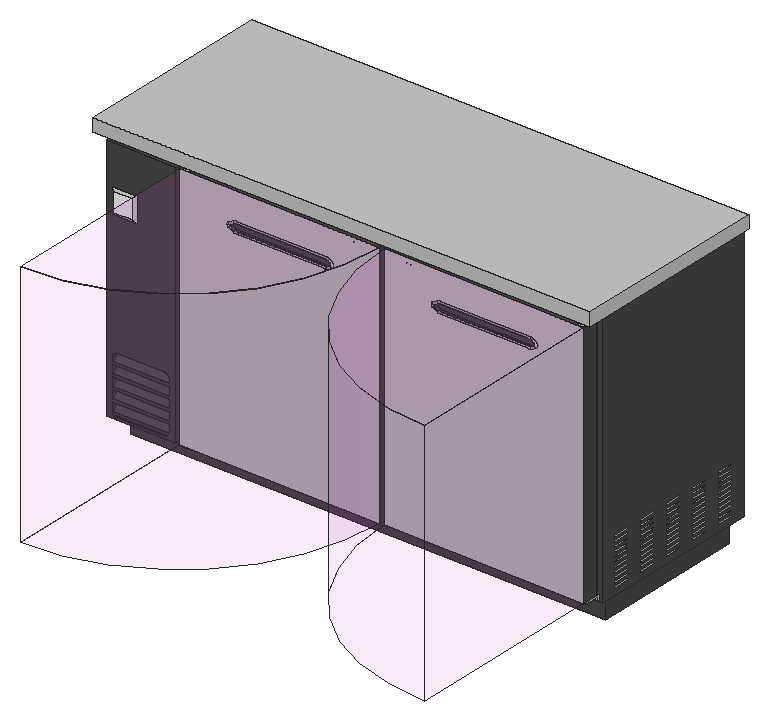
Revit family "QF_Kelvinator_738270_KCHBB60S_2-Solid_Door_Back_Bar_Refrigerator_Black_61_Long", category Specialty Equipment, Revit 2021
Family settings
  Round Connector Dimension = Use Diameter
  Part Type = Normal
  Work Plane-Based = No
  Always vertical = Yes
  Cut with Voids When Loaded = No
  Shared = No
  Room Calculation Point = No
Parameters
  Weight in Pounds = 240.304
  Watts = 300 W
  Volts = 115 V
  URL Cutsheet = ""
  Specification by User = ""
  Specification by Manufacturer = ""
  Serial Number = ""
  Seismic Rating = ""
  SMACNA No = ""
  Revision Code = ""
  Refrigerant Type = "R290"
  Phase = 1
  Number of Poles = 1
  NAFEM Spec ID Number = ""
  Model = "738270 (KCHBB60S)"
  Min Ckt Ampacity = 0 A
  Max Overcurrent Protection = 0 A
  Masterspec = ""
  Manufacturer = "Kelvinator Commercial"
  Length = 61.063"
  Item Number = "738270"
  Installed By = ""
  Identify Quantity as Lot = yes
  Height = 36.220"
  HP = "1/5"
  Furnished By = ""
  Foodservice Equipment Identifier = yes
  FL Amps = 3 A
  Electrical Remarks = ""
  Electric Connection Type = ""
  Elec Conn RI Height = 0.000"
  Elec Conn Connection Height = 0.000"
  Description = "2-Solid Door Back Bar Refrigerator Black 61\" Long"
  Depth = 24.409"
  Default Elevation = 0.000"
  Cycle = 60 Hz
  Conn Plug = "5-15P"
  Conn Conduit = yes
  CSI MasterFormat = ""
  Apparent Power = 0 VA
Reference planes (in)
  plane 1 "BACK": y = 0
  plane 2: z = 0
  plane 3 "LEFT": x = 0
  plane 4 "RIGHT": x = 61.063
  plane 5 "FRONT": y = -24.409
  plane 6 "TOP": z = 36.22
  plane 7 "Center Y": x = 30.5315
  plane 8 "Center X": y = -12.2045
Dimensions and locks (in)
  equal spacing: plane 3 "LEFT", plane 7 "Center Y", plane 4 "RIGHT"
  "Length": plane 3 "LEFT" to plane 4 "RIGHT"
  equal spacing: plane 5 "FRONT", plane 8 "Center X", plane 1 "BACK"
  "Depth": plane 5 "FRONT" to plane 1 "BACK"
  "Height": plane 6 "TOP" to level
  aligned and locked: level to plane 2
Nested families (in)
  nested 1: "KCHBB48S" at (0, 0, 0), type "KCHBB48S"
    with Show Clearance yes
Connectors (in)
  electrical at (30.53, -0.6525, 2.1875), driven by "Volts", driven by "Watts"
    settings: on nested 1, index 1, voltage 115 V, apparent load 300 VA, apparent load phase1 0 VA, apparent load phase2 0 VA, apparent load phase3 0 VA, power factor 1, load classification "Other", number of poles 1, system type 30, power factor state 1, is connector primary yes, connector utility no, sub classification motor no, connector description ""
Definition of nested family "KCHBB48S"
  Parameters (values of type "KCHBB48S")
    Weight in Pounds = 0
    URL Cutsheet = ""
    Specification by User = ""
    Specification by Manufacturer = ""
    Show Clearance [instance] = yes
    Serial Number = ""
    Seismic Rating = ""
    SMACNA No = ""
    Revision Code = ""
    NAFEM Spec ID Number = ""
    Masterspec = ""
    Length = 61.060"
    Item Number = ""
    Installed By = ""
    Identify Quantity as Lot = yes
    Height = 36.1875"
    Furnished By = ""
    Foodservice Equipment Identifier = yes
    Depth = 24.4375"
    Default Elevation = 0.000"
    CSI MasterFormat = ""
  Reference planes (in)
    plane 1 "BACK": y = 0
    plane 2: z = 0
    plane 3 "LEFT": x = 0
    plane 4 "RIGHT": x = 61.06
    plane 5 "FRONT": y = -24.4375
    plane 6 "TOP": z = 36.1875
    plane 7 "Center Y": x = 30.53
    plane 8 "Center X": y = -12.21875
    plane 9: x = 60.46625
    plane 10: x = 0.59375
    plane 11: x = 59.96625
    plane 12: x = 35.36625
    plane 13: x = 34.86875
    plane 14: x = 10.26875
    plane 15: x = 9.68375
    plane 16: x = 1.18375
    plane 17: z = 2.6875
    plane 18: z = 34.5875
    plane 19: y = -40.8
    plane 20: y = -21.6
    plane 21: x = 1.34375
    plane 22: x = 59.71625
    plane 23: y = -1.34
    plane 24: y = -20.26
    plane 25: z = 33.8375
    plane 26: z = 3.4375
    plane 27: y = -22.1
    plane 28: x = 1.93375
    plane 29: x = 8.93375
  Forms (in)
    Extrusion 1, solid
      sketch origin (0.59375, -180, -2.6612) x (0, 0, -1) y (0, -1, 0)
        loop
          line (-5.3487, -180) -> (-5.3487, -158.4) -> (-37.2487, -158.4) -> (-37.2487, -180) -> (-5.3487, -180)
      from 0 to -59.8725
    Extrusion 2, solid
      sketch origin (0, 0, 0) x (0, 1, 0) y (0, 0, 1)
        loop
          line (-24.4375, 36.1875) -> (-24.4375, 34.5875) -> (0, 34.5875) -> (0, 36.1875) -> (-24.4375, 36.1875)
      from 0 to 61.06
    Extrusion 3, solid
      sketch origin (0, -1.34, 0) x (0, 0, -1) y (1, 0, 0)
        loop
          line (-2.6875, 1.34375) -> (0, 1.34375) -> (0, 59.71625) -> (-2.6875, 59.71625) -> (-2.6875, 1.34375)
      from 0 to 18.92
    Extrusion 4, solid
      sketch origin (0, -22.1, 34.5875) x (0, 0, 1) y (1, 0, 0)
        loop
          line (-0.75, 1.18375) -> (-0.75, 9.68375) -> (-31.15, 9.68375) -> (-31.15, 1.18375) -> (-0.75, 1.18375)
      from 0.5 to -1.75
    Extrusion 5, void
      sketch origin (1.93375, -180, 12.66737) x (0, 0, -1) y (0, -1, 0)
        loop
          line (8.97987, -157.025) -> (8.97987, -154.65) -> (1.85487, -154.65) -> (1.85487, -157.025) -> (2.10487, -157.025) -> (2.97987, -156.15) -> (3.22987, -156.15) -> (3.22987, -157.025) -> (3.47987, -157.025) -> (4.35487, -156.15) -> (4.60487, -156.15) -> (4.60487, -157.025) -> (4.85487, -157.025) -> (5.72987, -156.15) -> (5.97987, -156.15) -> (5.97987, -157.025) -> (6.22987, -157.025) -> (7.10487, -156.15) -> (7.35487, -156.15) -> (7.35487, -157.025) -> (7.60487, -157.025) -> (8.47987, -156.15) -> (8.72987, -156.15) -> (8.72987, -157.025) -> (8.97987, -157.025)
      from 0 to -7
    Extrusion 6, solid
      sketch origin (59.96625, -23.85, 3.4375) x (0, 0, 1) y (-1, 0, 0)
        loop
          line (7.375, 51.5325) -> (7.375, 57.5325)
          arc (7.375, 57.5325) -> (7.22855, 57.88605) -> (6.875, 58.0325) r 0.5
          line (6.875, 58.0325) -> (0.75, 58.0325)
          arc (0.75, 58.0325) -> (0.39645, 57.88605) -> (0.25, 57.5325) r 0.5
          line (0.25, 57.5325) -> (0.25, 51.5325)
          arc (0.25, 51.5325) -> (0.39645, 51.17895) -> (0.75, 51.0325) r 0.5
          line (0.75, 51.0325) -> (6.875, 51.0325)
          arc (6.875, 51.0325) -> (7.22855, 51.17895) -> (7.375, 51.5325) r 0.5
        loop
          line (7.625, 51.5325) -> (7.625, 57.5325)
          arc (7.625, 57.5325) -> (7.40533, 58.06283) -> (6.875, 58.2825) r 0.75
          line (6.875, 58.2825) -> (0.75, 58.2825)
          arc (0.75, 58.2825) -> (0.21967, 58.06283) -> (0, 57.5325) r 0.75
          line (0, 57.5325) -> (0, 51.5325)
          arc (0, 51.5325) -> (0.21967, 51.00217) -> (0.75, 50.7825) r 0.75
          line (0.75, 50.7825) -> (6.875, 50.7825)
          arc (6.875, 50.7825) -> (7.40533, 51.00217) -> (7.625, 51.5325) r 0.75
      from 0 to -0.875
    Blend 7, solid
      base sketch origin (59.96625, -23.85, 3.4375) x (0, 0, 1) y (-1, 0, 0)
        loop
          line (25.18493, 57.64775) -> (22.93493, 57.64775) -> (22.93493, 55.39775) -> (25.18493, 55.39775) -> (25.18493, 57.64775)
      top sketch origin (59.96625, -23.85, 3.4375) x (0, 0, 1) y (-1, 0, 0)
        loop
          line (25.56493, 58.02775) -> (22.55493, 58.02775) -> (22.55493, 55.01775) -> (25.56493, 55.01775) -> (25.56493, 58.02775)
      from 0.21643 to 0
    Extrusion 8, void
      sketch origin (0.59375, -180, -2.6612) x (0, 0, 1) y (0, -1, 0)
        loop
          arc (12.07129, -160.16063) -> (11.91504, -160.00438) -> (11.75879, -160.16063) r 0.15625
          line (11.75879, -160.16063) -> (11.75879, -162.09813)
          arc (11.75879, -162.09813) -> (11.91504, -162.25438) -> (12.07129, -162.09813) r 0.15625
          line (12.07129, -162.09813) -> (12.07129, -160.16063)
        loop
          arc (11.50879, -160.16063) -> (11.35254, -160.00438) -> (11.19629, -160.16063) r 0.15625
          line (11.19629, -160.16063) -> (11.19629, -162.09813)
          arc (11.19629, -162.09813) -> (11.35254, -162.25438) -> (11.50879, -162.09813) r 0.15625
          line (11.50879, -162.09813) -> (11.50879, -160.16063)
        loop
          arc (10.94629, -160.16063) -> (10.79004, -160.00438) -> (10.63379, -160.16063) r 0.15625
          line (10.63379, -160.16063) -> (10.63379, -162.09813)
          arc (10.63379, -162.09813) -> (10.79004, -162.25438) -> (10.94629, -162.09813) r 0.15625
          line (10.94629, -162.09813) -> (10.94629, -160.16063)
        loop
          arc (10.38379, -160.16063) -> (10.22754, -160.00438) -> (10.07129, -160.16063) r 0.15625
          line (10.07129, -160.16063) -> (10.07129, -162.09813)
          arc (10.07129, -162.09813) -> (10.22754, -162.25438) -> (10.38379, -162.09813) r 0.15625
          line (10.38379, -162.09813) -> (10.38379, -160.16063)
        loop
          arc (9.82129, -160.16063) -> (9.66504, -160.00438) -> (9.50879, -160.16063) r 0.15625
          line (9.50879, -160.16063) -> (9.50879, -162.09813)
          arc (9.50879, -162.09813) -> (9.66504, -162.25438) -> (9.82129, -162.09813) r 0.15625
          line (9.82129, -162.09813) -> (9.82129, -160.16063)
        loop
          arc (9.25879, -160.16063) -> (9.10254, -160.00438) -> (8.94629, -160.16063) r 0.15625
          line (8.94629, -160.16063) -> (8.94629, -162.09813)
          arc (8.94629, -162.09813) -> (9.10254, -162.25438) -> (9.25879, -162.09813) r 0.15625
          line (9.25879, -162.09813) -> (9.25879, -160.16063)
        loop
          arc (8.69629, -160.16063) -> (8.54004, -160.00438) -> (8.38379, -160.16063) r 0.15625
          line (8.38379, -160.16063) -> (8.38379, -162.09813)
          arc (8.38379, -162.09813) -> (8.54004, -162.25438) -> (8.69629, -162.09813) r 0.15625
          line (8.69629, -162.09813) -> (8.69629, -160.16063)
        loop
          arc (8.13379, -160.16063) -> (7.97754, -160.00438) -> (7.82129, -160.16063) r 0.15625
          line (7.82129, -160.16063) -> (7.82129, -162.09813)
          arc (7.82129, -162.09813) -> (7.97754, -162.25438) -> (8.13379, -162.09813) r 0.15625
          line (8.13379, -162.09813) -> (8.13379, -160.16063)
        loop
          arc (7.57129, -160.16063) -> (7.41504, -160.00438) -> (7.25879, -160.16063) r 0.15625
          line (7.25879, -160.16063) -> (7.25879, -162.09813)
          arc (7.25879, -162.09813) -> (7.41504, -162.25438) -> (7.57129, -162.09813) r 0.15625
          line (7.57129, -162.09813) -> (7.57129, -160.16063)
        loop
          arc (7.00879, -160.16063) -> (6.85254, -160.00438) -> (6.69629, -160.16063) r 0.15625
          line (6.69629, -160.16063) -> (6.69629, -162.09813)
          arc (6.69629, -162.09813) -> (6.85254, -162.25438) -> (7.00879, -162.09813) r 0.15625
          line (7.00879, -162.09813) -> (7.00879, -160.16063)
        loop
          arc (6.44629, -160.16063) -> (6.29004, -160.00438) -> (6.13379, -160.16063) r 0.15625
          line (6.13379, -160.16063) -> (6.13379, -162.09813)
          arc (6.13379, -162.09813) -> (6.29004, -162.25438) -> (6.44629, -162.09813) r 0.15625
          line (6.44629, -162.09813) -> (6.44629, -160.16063)
        loop
          arc (12.07129, -164.16063) -> (11.91504, -164.00438) -> (11.75879, -164.16063) r 0.15625
          line (11.75879, -164.16063) -> (11.75879, -166.09813)
          arc (11.75879, -166.09813) -> (11.91504, -166.25438) -> (12.07129, -166.09813) r 0.15625
          line (12.07129, -166.09813) -> (12.07129, -164.16063)
        loop
          arc (11.50879, -164.16063) -> (11.35254, -164.00438) -> (11.19629, -164.16063) r 0.15625
          line (11.19629, -164.16063) -> (11.19629, -166.09813)
          arc (11.19629, -166.09813) -> (11.35254, -166.25438) -> (11.50879, -166.09813) r 0.15625
          line (11.50879, -166.09813) -> (11.50879, -164.16063)
        loop
          arc (10.94629, -164.16063) -> (10.79004, -164.00438) -> (10.63379, -164.16063) r 0.15625
          line (10.63379, -164.16063) -> (10.63379, -166.09813)
          arc (10.63379, -166.09813) -> (10.79004, -166.25438) -> (10.94629, -166.09813) r 0.15625
          line (10.94629, -166.09813) -> (10.94629, -164.16063)
        loop
          arc (10.38379, -164.16063) -> (10.22754, -164.00438) -> (10.07129, -164.16063) r 0.15625
          line (10.07129, -164.16063) -> (10.07129, -166.09813)
          arc (10.07129, -166.09813) -> (10.22754, -166.25438) -> (10.38379, -166.09813) r 0.15625
          line (10.38379, -166.09813) -> (10.38379, -164.16063)
        loop
          arc (9.82129, -164.16063) -> (9.66504, -164.00438) -> (9.50879, -164.16063) r 0.15625
          line (9.50879, -164.16063) -> (9.50879, -166.09813)
          arc (9.50879, -166.09813) -> (9.66504, -166.25438) -> (9.82129, -166.09813) r 0.15625
          line (9.82129, -166.09813) -> (9.82129, -164.16063)
        loop
          arc (9.25879, -164.16063) -> (9.10254, -164.00438) -> (8.94629, -164.16063) r 0.15625
          line (8.94629, -164.16063) -> (8.94629, -166.09813)
          arc (8.94629, -166.09813) -> (9.10254, -166.25438) -> (9.25879, -166.09813) r 0.15625
          line (9.25879, -166.09813) -> (9.25879, -164.16063)
        loop
          arc (8.69629, -164.16063) -> (8.54004, -164.00438) -> (8.38379, -164.16063) r 0.15625
          line (8.38379, -164.16063) -> (8.38379, -166.09813)
          arc (8.38379, -166.09813) -> (8.54004, -166.25438) -> (8.69629, -166.09813) r 0.15625
          line (8.69629, -166.09813) -> (8.69629, -164.16063)
        loop
          arc (8.13379, -164.16063) -> (7.97754, -164.00438) -> (7.82129, -164.16063) r 0.15625
          line (7.82129, -164.16063) -> (7.82129, -166.09813)
          arc (7.82129, -166.09813) -> (7.97754, -166.25438) -> (8.13379, -166.09813) r 0.15625
          line (8.13379, -166.09813) -> (8.13379, -164.16063)
        loop
          arc (7.57129, -164.16063) -> (7.41504, -164.00438) -> (7.25879, -164.16063) r 0.15625
          line (7.25879, -164.16063) -> (7.25879, -166.09813)
          arc (7.25879, -166.09813) -> (7.41504, -166.25438) -> (7.57129, -166.09813) r 0.15625
          line (7.57129, -166.09813) -> (7.57129, -164.16063)
        loop
          arc (7.00879, -164.16063) -> (6.85254, -164.00438) -> (6.69629, -164.16063) r 0.15625
          line (6.69629, -164.16063) -> (6.69629, -166.09813)
          arc (6.69629, -166.09813) -> (6.85254, -166.25438) -> (7.00879, -166.09813) r 0.15625
          line (7.00879, -166.09813) -> (7.00879, -164.16063)
        loop
          arc (6.44629, -164.16063) -> (6.29004, -164.00438) -> (6.13379, -164.16063) r 0.15625
          line (6.13379, -164.16063) -> (6.13379, -166.09813)
          arc (6.13379, -166.09813) -> (6.29004, -166.25438) -> (6.44629, -166.09813) r 0.15625
          line (6.44629, -166.09813) -> (6.44629, -164.16063)
        loop
          arc (12.07129, -168.16063) -> (11.91504, -168.00438) -> (11.75879, -168.16063) r 0.15625
          line (11.75879, -168.16063) -> (11.75879, -170.09813)
          arc (11.75879, -170.09813) -> (11.91504, -170.25438) -> (12.07129, -170.09813) r 0.15625
          line (12.07129, -170.09813) -> (12.07129, -168.16063)
        loop
          arc (11.50879, -168.16063) -> (11.35254, -168.00438) -> (11.19629, -168.16063) r 0.15625
          line (11.19629, -168.16063) -> (11.19629, -170.09813)
          arc (11.19629, -170.09813) -> (11.35254, -170.25438) -> (11.50879, -170.09813) r 0.15625
          line (11.50879, -170.09813) -> (11.50879, -168.16063)
        loop
          arc (10.94629, -168.16063) -> (10.79004, -168.00438) -> (10.63379, -168.16063) r 0.15625
          line (10.63379, -168.16063) -> (10.63379, -170.09813)
          arc (10.63379, -170.09813) -> (10.79004, -170.25438) -> (10.94629, -170.09813) r 0.15625
          line (10.94629, -170.09813) -> (10.94629, -168.16063)
        loop
          arc (10.38379, -168.16063) -> (10.22754, -168.00438) -> (10.07129, -168.16063) r 0.15625
          line (10.07129, -168.16063) -> (10.07129, -170.09813)
          arc (10.07129, -170.09813) -> (10.22754, -170.25438) -> (10.38379, -170.09813) r 0.15625
          line (10.38379, -170.09813) -> (10.38379, -168.16063)
        loop
          arc (9.82129, -168.16063) -> (9.66504, -168.00438) -> (9.50879, -168.16063) r 0.15625
          line (9.50879, -168.16063) -> (9.50879, -170.09813)
          arc (9.50879, -170.09813) -> (9.66504, -170.25438) -> (9.82129, -170.09813) r 0.15625
          line (9.82129, -170.09813) -> (9.82129, -168.16063)
        loop
          arc (9.25879, -168.16063) -> (9.10254, -168.00438) -> (8.94629, -168.16063) r 0.15625
          line (8.94629, -168.16063) -> (8.94629, -170.09813)
          arc (8.94629, -170.09813) -> (9.10254, -170.25438) -> (9.25879, -170.09813) r 0.15625
          line (9.25879, -170.09813) -> (9.25879, -168.16063)
        loop
          arc (8.69629, -168.16063) -> (8.54004, -168.00438) -> (8.38379, -168.16063) r 0.15625
          line (8.38379, -168.16063) -> (8.38379, -170.09813)
          arc (8.38379, -170.09813) -> (8.54004, -170.25438) -> (8.69629, -170.09813) r 0.15625
          line (8.69629, -170.09813) -> (8.69629, -168.16063)
        loop
          arc (8.13379, -168.16063) -> (7.97754, -168.00438) -> (7.82129, -168.16063) r 0.15625
          line (7.82129, -168.16063) -> (7.82129, -170.09813)
          arc (7.82129, -170.09813) -> (7.97754, -170.25438) -> (8.13379, -170.09813) r 0.15625
          line (8.13379, -170.09813) -> (8.13379, -168.16063)
        loop
          arc (7.57129, -168.16063) -> (7.41504, -168.00438) -> (7.25879, -168.16063) r 0.15625
          line (7.25879, -168.16063) -> (7.25879, -170.09813)
          arc (7.25879, -170.09813) -> (7.41504, -170.25438) -> (7.57129, -170.09813) r 0.15625
          line (7.57129, -170.09813) -> (7.57129, -168.16063)
        loop
          arc (7.00879, -168.16063) -> (6.85254, -168.00438) -> (6.69629, -168.16063) r 0.15625
          line (6.69629, -168.16063) -> (6.69629, -170.09813)
          arc (6.69629, -170.09813) -> (6.85254, -170.25438) -> (7.00879, -170.09813) r 0.15625
          line (7.00879, -170.09813) -> (7.00879, -168.16063)
        loop
          arc (6.44629, -168.16063) -> (6.29004, -168.00438) -> (6.13379, -168.16063) r 0.15625
          line (6.13379, -168.16063) -> (6.13379, -170.09813)
          arc (6.13379, -170.09813) -> (6.29004, -170.25438) -> (6.44629, -170.09813) r 0.15625
          line (6.44629, -170.09813) -> (6.44629, -168.16063)
        loop
          arc (12.07129, -172.16063) -> (11.91504, -172.00438) -> (11.75879, -172.16063) r 0.15625
          line (11.75879, -172.16063) -> (11.75879, -174.09813)
          arc (11.75879, -174.09813) -> (11.91504, -174.25438) -> (12.07129, -174.09813) r 0.15625
          line (12.07129, -174.09813) -> (12.07129, -172.16063)
        loop
          arc (11.50879, -172.16063) -> (11.35254, -172.00438) -> (11.19629, -172.16063) r 0.15625
          line (11.19629, -172.16063) -> (11.19629, -174.09813)
          arc (11.19629, -174.09813) -> (11.35254, -174.25438) -> (11.50879, -174.09813) r 0.15625
          line (11.50879, -174.09813) -> (11.50879, -172.16063)
        loop
          arc (10.94629, -172.16063) -> (10.79004, -172.00438) -> (10.63379, -172.16063) r 0.15625
          line (10.63379, -172.16063) -> (10.63379, -174.09813)
          arc (10.63379, -174.09813) -> (10.79004, -174.25438) -> (10.94629, -174.09813) r 0.15625
          line (10.94629, -174.09813) -> (10.94629, -172.16063)
        loop
          arc (10.38379, -172.16063) -> (10.22754, -172.00438) -> (10.07129, -172.16063) r 0.15625
          line (10.07129, -172.16063) -> (10.07129, -174.09813)
          arc (10.07129, -174.09813) -> (10.22754, -174.25438) -> (10.38379, -174.09813) r 0.15625
          line (10.38379, -174.09813) -> (10.38379, -172.16063)
        loop
          arc (9.82129, -172.16063) -> (9.66504, -172.00438) -> (9.50879, -172.16063) r 0.15625
          line (9.50879, -172.16063) -> (9.50879, -174.09813)
          arc (9.50879, -174.09813) -> (9.66504, -174.25438) -> (9.82129, -174.09813) r 0.15625
          line (9.82129, -174.09813) -> (9.82129, -172.16063)
        loop
          arc (9.25879, -172.16063) -> (9.10254, -172.00438) -> (8.94629, -172.16063) r 0.15625
          line (8.94629, -172.16063) -> (8.94629, -174.09813)
          arc (8.94629, -174.09813) -> (9.10254, -174.25438) -> (9.25879, -174.09813) r 0.15625
          line (9.25879, -174.09813) -> (9.25879, -172.16063)
        loop
          arc (8.69629, -172.16063) -> (8.54004, -172.00438) -> (8.38379, -172.16063) r 0.15625
          line (8.38379, -172.16063) -> (8.38379, -174.09813)
          arc (8.38379, -174.09813) -> (8.54004, -174.25438) -> (8.69629, -174.09813) r 0.15625
          line (8.69629, -174.09813) -> (8.69629, -172.16063)
        loop
          arc (8.13379, -172.16063) -> (7.97754, -172.00438) -> (7.82129, -172.16063) r 0.15625
          line (7.82129, -172.16063) -> (7.82129, -174.09813)
          arc (7.82129, -174.09813) -> (7.97754, -174.25438) -> (8.13379, -174.09813) r 0.15625
          line (8.13379, -174.09813) -> (8.13379, -172.16063)
        loop
          arc (7.57129, -172.16063) -> (7.41504, -172.00438) -> (7.25879, -172.16063) r 0.15625
          line (7.25879, -172.16063) -> (7.25879, -174.09813)
          arc (7.25879, -174.09813) -> (7.41504, -174.25438) -> (7.57129, -174.09813) r 0.15625
          line (7.57129, -174.09813) -> (7.57129, -172.16063)
        loop
          arc (7.00879, -172.16063) -> (6.85254, -172.00438) -> (6.69629, -172.16063) r 0.15625
          line (6.69629, -172.16063) -> (6.69629, -174.09813)
          arc (6.69629, -174.09813) -> (6.85254, -174.25438) -> (7.00879, -174.09813) r 0.15625
          line (7.00879, -174.09813) -> (7.00879, -172.16063)
        loop
          arc (6.44629, -172.16063) -> (6.29004, -172.00438) -> (6.13379, -172.16063) r 0.15625
          line (6.13379, -172.16063) -> (6.13379, -174.09813)
          arc (6.13379, -174.09813) -> (6.29004, -174.25438) -> (6.44629, -174.09813) r 0.15625
          line (6.44629, -174.09813) -> (6.44629, -172.16063)
        loop
          arc (12.07129, -176.16063) -> (11.91504, -176.00438) -> (11.75879, -176.16063) r 0.15625
          line (11.75879, -176.16063) -> (11.75879, -178.09813)
          arc (11.75879, -178.09813) -> (11.91504, -178.25438) -> (12.07129, -178.09813) r 0.15625
          line (12.07129, -178.09813) -> (12.07129, -176.16063)
        loop
          arc (11.50879, -176.16063) -> (11.35254, -176.00438) -> (11.19629, -176.16063) r 0.15625
          line (11.19629, -176.16063) -> (11.19629, -178.09813)
          arc (11.19629, -178.09813) -> (11.35254, -178.25438) -> (11.50879, -178.09813) r 0.15625
          line (11.50879, -178.09813) -> (11.50879, -176.16063)
        loop
          arc (10.94629, -176.16063) -> (10.79004, -176.00438) -> (10.63379, -176.16063) r 0.15625
          line (10.63379, -176.16063) -> (10.63379, -178.09813)
          arc (10.63379, -178.09813) -> (10.79004, -178.25438) -> (10.94629, -178.09813) r 0.15625
          line (10.94629, -178.09813) -> (10.94629, -176.16063)
        loop
          arc (10.38379, -176.16063) -> (10.22754, -176.00438) -> (10.07129, -176.16063) r 0.15625
          line (10.07129, -176.16063) -> (10.07129, -178.09813)
          arc (10.07129, -178.09813) -> (10.22754, -178.25438) -> (10.38379, -178.09813) r 0.15625
          line (10.38379, -178.09813) -> (10.38379, -176.16063)
        loop
          arc (9.82129, -176.16063) -> (9.66504, -176.00438) -> (9.50879, -176.16063) r 0.15625
          line (9.50879, -176.16063) -> (9.50879, -178.09813)
          arc (9.50879, -178.09813) -> (9.66504, -178.25438) -> (9.82129, -178.09813) r 0.15625
          line (9.82129, -178.09813) -> (9.82129, -176.16063)
        loop
          arc (9.25879, -176.16063) -> (9.10254, -176.00438) -> (8.94629, -176.16063) r 0.15625
          line (8.94629, -176.16063) -> (8.94629, -178.09813)
          arc (8.94629, -178.09813) -> (9.10254, -178.25438) -> (9.25879, -178.09813) r 0.15625
          line (9.25879, -178.09813) -> (9.25879, -176.16063)
        loop
          arc (8.69629, -176.16063) -> (8.54004, -176.00438) -> (8.38379, -176.16063) r 0.15625
          line (8.38379, -176.16063) -> (8.38379, -178.09813)
          arc (8.38379, -178.09813) -> (8.54004, -178.25438) -> (8.69629, -178.09813) r 0.15625
          line (8.69629, -178.09813) -> (8.69629, -176.16063)
        loop
          arc (8.13379, -176.16063) -> (7.97754, -176.00438) -> (7.82129, -176.16063) r 0.15625
          line (7.82129, -176.16063) -> (7.82129, -178.09813)
          arc (7.82129, -178.09813) -> (7.97754, -178.25438) -> (8.13379, -178.09813) r 0.15625
          line (8.13379, -178.09813) -> (8.13379, -176.16063)
        loop
          arc (7.57129, -176.16063) -> (7.41504, -176.00438) -> (7.25879, -176.16063) r 0.15625
          line (7.25879, -176.16063) -> (7.25879, -178.09813)
          arc (7.25879, -178.09813) -> (7.41504, -178.25438) -> (7.57129, -178.09813) r 0.15625
          line (7.57129, -178.09813) -> (7.57129, -176.16063)
        loop
          arc (7.00879, -176.16063) -> (6.85254, -176.00438) -> (6.69629, -176.16063) r 0.15625
          line (6.69629, -176.16063) -> (6.69629, -178.09813)
          arc (6.69629, -178.09813) -> (6.85254, -178.25438) -> (7.00879, -178.09813) r 0.15625
          line (7.00879, -178.09813) -> (7.00879, -176.16063)
        loop
          arc (6.44629, -176.16063) -> (6.29004, -176.00438) -> (6.13379, -176.16063) r 0.15625
          line (6.13379, -176.16063) -> (6.13379, -178.09813)
          arc (6.13379, -178.09813) -> (6.29004, -178.25438) -> (6.44629, -178.09813) r 0.15625
          line (6.44629, -178.09813) -> (6.44629, -176.16063)
      from 0 to 0.03
    Extrusion 9, void
      sketch origin (60.46625, -180, -2.6612) x (0, 0, -1) y (0, -1, 0)
        loop
          line (-12.07129, -160.16063) -> (-12.07129, -162.09813)
          arc (-12.07129, -162.09813) -> (-11.91504, -162.25438) -> (-11.75879, -162.09813) r 0.15625
          line (-11.75879, -162.09813) -> (-11.75879, -160.16063)
          arc (-11.75879, -160.16063) -> (-11.91504, -160.00438) -> (-12.07129, -160.16063) r 0.15625
        loop
          line (-11.50879, -160.16063) -> (-11.50879, -162.09813)
          arc (-11.50879, -162.09813) -> (-11.35254, -162.25438) -> (-11.19629, -162.09813) r 0.15625
          line (-11.19629, -162.09813) -> (-11.19629, -160.16063)
          arc (-11.19629, -160.16063) -> (-11.35254, -160.00438) -> (-11.50879, -160.16063) r 0.15625
        loop
          line (-10.94629, -160.16063) -> (-10.94629, -162.09813)
          arc (-10.94629, -162.09813) -> (-10.79004, -162.25438) -> (-10.63379, -162.09813) r 0.15625
          line (-10.63379, -162.09813) -> (-10.63379, -160.16063)
          arc (-10.63379, -160.16063) -> (-10.79004, -160.00438) -> (-10.94629, -160.16063) r 0.15625
        loop
          line (-10.38379, -160.16063) -> (-10.38379, -162.09813)
          arc (-10.38379, -162.09813) -> (-10.22754, -162.25438) -> (-10.07129, -162.09813) r 0.15625
          line (-10.07129, -162.09813) -> (-10.07129, -160.16063)
          arc (-10.07129, -160.16063) -> (-10.22754, -160.00438) -> (-10.38379, -160.16063) r 0.15625
        loop
          line (-9.82129, -160.16063) -> (-9.82129, -162.09813)
          arc (-9.82129, -162.09813) -> (-9.66504, -162.25438) -> (-9.50879, -162.09813) r 0.15625
          line (-9.50879, -162.09813) -> (-9.50879, -160.16063)
          arc (-9.50879, -160.16063) -> (-9.66504, -160.00438) -> (-9.82129, -160.16063) r 0.15625
        loop
          line (-9.25879, -160.16063) -> (-9.25879, -162.09813)
          arc (-9.25879, -162.09813) -> (-9.10254, -162.25438) -> (-8.94629, -162.09813) r 0.15625
          line (-8.94629, -162.09813) -> (-8.94629, -160.16063)
          arc (-8.94629, -160.16063) -> (-9.10254, -160.00438) -> (-9.25879, -160.16063) r 0.15625
        loop
          line (-8.69629, -160.16063) -> (-8.69629, -162.09813)
          arc (-8.69629, -162.09813) -> (-8.54004, -162.25438) -> (-8.38379, -162.09813) r 0.15625
          line (-8.38379, -162.09813) -> (-8.38379, -160.16063)
          arc (-8.38379, -160.16063) -> (-8.54004, -160.00438) -> (-8.69629, -160.16063) r 0.15625
        loop
          line (-8.13379, -160.16063) -> (-8.13379, -162.09813)
          arc (-8.13379, -162.09813) -> (-7.97754, -162.25438) -> (-7.82129, -162.09813) r 0.15625
          line (-7.82129, -162.09813) -> (-7.82129, -160.16063)
          arc (-7.82129, -160.16063) -> (-7.97754, -160.00438) -> (-8.13379, -160.16063) r 0.15625
        loop
          line (-7.57129, -160.16063) -> (-7.57129, -162.09813)
          arc (-7.57129, -162.09813) -> (-7.41504, -162.25438) -> (-7.25879, -162.09813) r 0.15625
          line (-7.25879, -162.09813) -> (-7.25879, -160.16063)
          arc (-7.25879, -160.16063) -> (-7.41504, -160.00438) -> (-7.57129, -160.16063) r 0.15625
        loop
          line (-7.00879, -160.16063) -> (-7.00879, -162.09813)
          arc (-7.00879, -162.09813) -> (-6.85254, -162.25438) -> (-6.69629, -162.09813) r 0.15625
          line (-6.69629, -162.09813) -> (-6.69629, -160.16063)
          arc (-6.69629, -160.16063) -> (-6.85254, -160.00438) -> (-7.00879, -160.16063) r 0.15625
        loop
          line (-6.44629, -160.16063) -> (-6.44629, -162.09813)
          arc (-6.44629, -162.09813) -> (-6.29004, -162.25438) -> (-6.13379, -162.09813) r 0.15625
          line (-6.13379, -162.09813) -> (-6.13379, -160.16063)
          arc (-6.13379, -160.16063) -> (-6.29004, -160.00438) -> (-6.44629, -160.16063) r 0.15625
        loop
          line (-12.07129, -164.16063) -> (-12.07129, -166.09813)
          arc (-12.07129, -166.09813) -> (-11.91504, -166.25438) -> (-11.75879, -166.09813) r 0.15625
          line (-11.75879, -166.09813) -> (-11.75879, -164.16063)
          arc (-11.75879, -164.16063) -> (-11.91504, -164.00438) -> (-12.07129, -164.16063) r 0.15625
        loop
          line (-11.50879, -164.16063) -> (-11.50879, -166.09813)
          arc (-11.50879, -166.09813) -> (-11.35254, -166.25438) -> (-11.19629, -166.09813) r 0.15625
          line (-11.19629, -166.09813) -> (-11.19629, -164.16063)
          arc (-11.19629, -164.16063) -> (-11.35254, -164.00438) -> (-11.50879, -164.16063) r 0.15625
        loop
          line (-10.94629, -164.16063) -> (-10.94629, -166.09813)
          arc (-10.94629, -166.09813) -> (-10.79004, -166.25438) -> (-10.63379, -166.09813) r 0.15625
          line (-10.63379, -166.09813) -> (-10.63379, -164.16063)
          arc (-10.63379, -164.16063) -> (-10.79004, -164.00438) -> (-10.94629, -164.16063) r 0.15625
        loop
          line (-10.38379, -164.16063) -> (-10.38379, -166.09813)
          arc (-10.38379, -166.09813) -> (-10.22754, -166.25438) -> (-10.07129, -166.09813) r 0.15625
          line (-10.07129, -166.09813) -> (-10.07129, -164.16063)
          arc (-10.07129, -164.16063) -> (-10.22754, -164.00438) -> (-10.38379, -164.16063) r 0.15625
        loop
          line (-9.82129, -164.16063) -> (-9.82129, -166.09813)
          arc (-9.82129, -166.09813) -> (-9.66504, -166.25438) -> (-9.50879, -166.09813) r 0.15625
          line (-9.50879, -166.09813) -> (-9.50879, -164.16063)
          arc (-9.50879, -164.16063) -> (-9.66504, -164.00438) -> (-9.82129, -164.16063) r 0.15625
        loop
          line (-9.25879, -164.16063) -> (-9.25879, -166.09813)
          arc (-9.25879, -166.09813) -> (-9.10254, -166.25438) -> (-8.94629, -166.09813) r 0.15625
          line (-8.94629, -166.09813) -> (-8.94629, -164.16063)
          arc (-8.94629, -164.16063) -> (-9.10254, -164.00438) -> (-9.25879, -164.16063) r 0.15625
        loop
          line (-8.69629, -164.16063) -> (-8.69629, -166.09813)
          arc (-8.69629, -166.09813) -> (-8.54004, -166.25438) -> (-8.38379, -166.09813) r 0.15625
          line (-8.38379, -166.09813) -> (-8.38379, -164.16063)
          arc (-8.38379, -164.16063) -> (-8.54004, -164.00438) -> (-8.69629, -164.16063) r 0.15625
        loop
          line (-8.13379, -164.16063) -> (-8.13379, -166.09813)
          arc (-8.13379, -166.09813) -> (-7.97754, -166.25438) -> (-7.82129, -166.09813) r 0.15625
          line (-7.82129, -166.09813) -> (-7.82129, -164.16063)
          arc (-7.82129, -164.16063) -> (-7.97754, -164.00438) -> (-8.13379, -164.16063) r 0.15625
        loop
          line (-7.57129, -164.16063) -> (-7.57129, -166.09813)
          arc (-7.57129, -166.09813) -> (-7.41504, -166.25438) -> (-7.25879, -166.09813) r 0.15625
          line (-7.25879, -166.09813) -> (-7.25879, -164.16063)
          arc (-7.25879, -164.16063) -> (-7.41504, -164.00438) -> (-7.57129, -164.16063) r 0.15625
        loop
          line (-7.00879, -164.16063) -> (-7.00879, -166.09813)
          arc (-7.00879, -166.09813) -> (-6.85254, -166.25438) -> (-6.69629, -166.09813) r 0.15625
          line (-6.69629, -166.09813) -> (-6.69629, -164.16063)
          arc (-6.69629, -164.16063) -> (-6.85254, -164.00438) -> (-7.00879, -164.16063) r 0.15625
        loop
          line (-6.44629, -164.16063) -> (-6.44629, -166.09813)
          arc (-6.44629, -166.09813) -> (-6.29004, -166.25438) -> (-6.13379, -166.09813) r 0.15625
          line (-6.13379, -166.09813) -> (-6.13379, -164.16063)
          arc (-6.13379, -164.16063) -> (-6.29004, -164.00438) -> (-6.44629, -164.16063) r 0.15625
        loop
          line (-12.07129, -168.16063) -> (-12.07129, -170.09813)
          arc (-12.07129, -170.09813) -> (-11.91504, -170.25438) -> (-11.75879, -170.09813) r 0.15625
          line (-11.75879, -170.09813) -> (-11.75879, -168.16063)
          arc (-11.75879, -168.16063) -> (-11.91504, -168.00438) -> (-12.07129, -168.16063) r 0.15625
        loop
          line (-11.50879, -168.16063) -> (-11.50879, -170.09813)
          arc (-11.50879, -170.09813) -> (-11.35254, -170.25438) -> (-11.19629, -170.09813) r 0.15625
          line (-11.19629, -170.09813) -> (-11.19629, -168.16063)
          arc (-11.19629, -168.16063) -> (-11.35254, -168.00438) -> (-11.50879, -168.16063) r 0.15625
        loop
          line (-10.94629, -168.16063) -> (-10.94629, -170.09813)
          arc (-10.94629, -170.09813) -> (-10.79004, -170.25438) -> (-10.63379, -170.09813) r 0.15625
          line (-10.63379, -170.09813) -> (-10.63379, -168.16063)
          arc (-10.63379, -168.16063) -> (-10.79004, -168.00438) -> (-10.94629, -168.16063) r 0.15625
        loop
          line (-10.38379, -168.16063) -> (-10.38379, -170.09813)
          arc (-10.38379, -170.09813) -> (-10.22754, -170.25438) -> (-10.07129, -170.09813) r 0.15625
          line (-10.07129, -170.09813) -> (-10.07129, -168.16063)
          arc (-10.07129, -168.16063) -> (-10.22754, -168.00438) -> (-10.38379, -168.16063) r 0.15625
        loop
          line (-9.82129, -168.16063) -> (-9.82129, -170.09813)
          arc (-9.82129, -170.09813) -> (-9.66504, -170.25438) -> (-9.50879, -170.09813) r 0.15625
          line (-9.50879, -170.09813) -> (-9.50879, -168.16063)
          arc (-9.50879, -168.16063) -> (-9.66504, -168.00438) -> (-9.82129, -168.16063) r 0.15625
        loop
          line (-9.25879, -168.16063) -> (-9.25879, -170.09813)
          arc (-9.25879, -170.09813) -> (-9.10254, -170.25438) -> (-8.94629, -170.09813) r 0.15625
          line (-8.94629, -170.09813) -> (-8.94629, -168.16063)
          arc (-8.94629, -168.16063) -> (-9.10254, -168.00438) -> (-9.25879, -168.16063) r 0.15625
        loop
          line (-8.69629, -168.16063) -> (-8.69629, -170.09813)
          arc (-8.69629, -170.09813) -> (-8.54004, -170.25438) -> (-8.38379, -170.09813) r 0.15625
          line (-8.38379, -170.09813) -> (-8.38379, -168.16063)
          arc (-8.38379, -168.16063) -> (-8.54004, -168.00438) -> (-8.69629, -168.16063) r 0.15625
        loop
          line (-8.13379, -168.16063) -> (-8.13379, -170.09813)
          arc (-8.13379, -170.09813) -> (-7.97754, -170.25438) -> (-7.82129, -170.09813) r 0.15625
          line (-7.82129, -170.09813) -> (-7.82129, -168.16063)
          arc (-7.82129, -168.16063) -> (-7.97754, -168.00438) -> (-8.13379, -168.16063) r 0.15625
        loop
          line (-7.57129, -168.16063) -> (-7.57129, -170.09813)
          arc (-7.57129, -170.09813) -> (-7.41504, -170.25438) -> (-7.25879, -170.09813) r 0.15625
          line (-7.25879, -170.09813) -> (-7.25879, -168.16063)
          arc (-7.25879, -168.16063) -> (-7.41504, -168.00438) -> (-7.57129, -168.16063) r 0.15625
        loop
          line (-7.00879, -168.16063) -> (-7.00879, -170.09813)
          arc (-7.00879, -170.09813) -> (-6.85254, -170.25438) -> (-6.69629, -170.09813) r 0.15625
          line (-6.69629, -170.09813) -> (-6.69629, -168.16063)
          arc (-6.69629, -168.16063) -> (-6.85254, -168.00438) -> (-7.00879, -168.16063) r 0.15625
        loop
          line (-6.44629, -168.16063) -> (-6.44629, -170.09813)
          arc (-6.44629, -170.09813) -> (-6.29004, -170.25438) -> (-6.13379, -170.09813) r 0.15625
          line (-6.13379, -170.09813) -> (-6.13379, -168.16063)
          arc (-6.13379, -168.16063) -> (-6.29004, -168.00438) -> (-6.44629, -168.16063) r 0.15625
        loop
          line (-12.07129, -172.16063) -> (-12.07129, -174.09813)
          arc (-12.07129, -174.09813) -> (-11.91504, -174.25438) -> (-11.75879, -174.09813) r 0.15625
          line (-11.75879, -174.09813) -> (-11.75879, -172.16063)
          arc (-11.75879, -172.16063) -> (-11.91504, -172.00438) -> (-12.07129, -172.16063) r 0.15625
        loop
          line (-11.50879, -172.16063) -> (-11.50879, -174.09813)
          arc (-11.50879, -174.09813) -> (-11.35254, -174.25438) -> (-11.19629, -174.09813) r 0.15625
          line (-11.19629, -174.09813) -> (-11.19629, -172.16063)
          arc (-11.19629, -172.16063) -> (-11.35254, -172.00438) -> (-11.50879, -172.16063) r 0.15625
        loop
          line (-10.94629, -172.16063) -> (-10.94629, -174.09813)
          arc (-10.94629, -174.09813) -> (-10.79004, -174.25438) -> (-10.63379, -174.09813) r 0.15625
          line (-10.63379, -174.09813) -> (-10.63379, -172.16063)
          arc (-10.63379, -172.16063) -> (-10.79004, -172.00438) -> (-10.94629, -172.16063) r 0.15625
        loop
          line (-10.38379, -172.16063) -> (-10.38379, -174.09813)
          arc (-10.38379, -174.09813) -> (-10.22754, -174.25438) -> (-10.07129, -174.09813) r 0.15625
          line (-10.07129, -174.09813) -> (-10.07129, -172.16063)
          arc (-10.07129, -172.16063) -> (-10.22754, -172.00438) -> (-10.38379, -172.16063) r 0.15625
        loop
          line (-9.82129, -172.16063) -> (-9.82129, -174.09813)
          arc (-9.82129, -174.09813) -> (-9.66504, -174.25438) -> (-9.50879, -174.09813) r 0.15625
          line (-9.50879, -174.09813) -> (-9.50879, -172.16063)
          arc (-9.50879, -172.16063) -> (-9.66504, -172.00438) -> (-9.82129, -172.16063) r 0.15625
        loop
          line (-9.25879, -172.16063) -> (-9.25879, -174.09813)
          arc (-9.25879, -174.09813) -> (-9.10254, -174.25438) -> (-8.94629, -174.09813) r 0.15625
          line (-8.94629, -174.09813) -> (-8.94629, -172.16063)
          arc (-8.94629, -172.16063) -> (-9.10254, -172.00438) -> (-9.25879, -172.16063) r 0.15625
        loop
          line (-8.69629, -172.16063) -> (-8.69629, -174.09813)
          arc (-8.69629, -174.09813) -> (-8.54004, -174.25438) -> (-8.38379, -174.09813) r 0.15625
          line (-8.38379, -174.09813) -> (-8.38379, -172.16063)
          arc (-8.38379, -172.16063) -> (-8.54004, -172.00438) -> (-8.69629, -172.16063) r 0.15625
        loop
          line (-8.13379, -172.16063) -> (-8.13379, -174.09813)
          arc (-8.13379, -174.09813) -> (-7.97754, -174.25438) -> (-7.82129, -174.09813) r 0.15625
          line (-7.82129, -174.09813) -> (-7.82129, -172.16063)
          arc (-7.82129, -172.16063) -> (-7.97754, -172.00438) -> (-8.13379, -172.16063) r 0.15625
        loop
          line (-7.57129, -172.16063) -> (-7.57129, -174.09813)
          arc (-7.57129, -174.09813) -> (-7.41504, -174.25438) -> (-7.25879, -174.09813) r 0.15625
          line (-7.25879, -174.09813) -> (-7.25879, -172.16063)
          arc (-7.25879, -172.16063) -> (-7.41504, -172.00438) -> (-7.57129, -172.16063) r 0.15625
        loop
          line (-7.00879, -172.16063) -> (-7.00879, -174.09813)
          arc (-7.00879, -174.09813) -> (-6.85254, -174.25438) -> (-6.69629, -174.09813) r 0.15625
          line (-6.69629, -174.09813) -> (-6.69629, -172.16063)
          arc (-6.69629, -172.16063) -> (-6.85254, -172.00438) -> (-7.00879, -172.16063) r 0.15625
        loop
          line (-6.44629, -172.16063) -> (-6.44629, -174.09813)
          arc (-6.44629, -174.09813) -> (-6.29004, -174.25438) -> (-6.13379, -174.09813) r 0.15625
          line (-6.13379, -174.09813) -> (-6.13379, -172.16063)
          arc (-6.13379, -172.16063) -> (-6.29004, -172.00438) -> (-6.44629, -172.16063) r 0.15625
        loop
          line (-12.07129, -176.16063) -> (-12.07129, -178.09813)
          arc (-12.07129, -178.09813) -> (-11.91504, -178.25438) -> (-11.75879, -178.09813) r 0.15625
          line (-11.75879, -178.09813) -> (-11.75879, -176.16063)
          arc (-11.75879, -176.16063) -> (-11.91504, -176.00438) -> (-12.07129, -176.16063) r 0.15625
        loop
          line (-11.50879, -176.16063) -> (-11.50879, -178.09813)
          arc (-11.50879, -178.09813) -> (-11.35254, -178.25438) -> (-11.19629, -178.09813) r 0.15625
          line (-11.19629, -178.09813) -> (-11.19629, -176.16063)
          arc (-11.19629, -176.16063) -> (-11.35254, -176.00438) -> (-11.50879, -176.16063) r 0.15625
        loop
          line (-10.94629, -176.16063) -> (-10.94629, -178.09813)
          arc (-10.94629, -178.09813) -> (-10.79004, -178.25438) -> (-10.63379, -178.09813) r 0.15625
          line (-10.63379, -178.09813) -> (-10.63379, -176.16063)
          arc (-10.63379, -176.16063) -> (-10.79004, -176.00438) -> (-10.94629, -176.16063) r 0.15625
        loop
          line (-10.38379, -176.16063) -> (-10.38379, -178.09813)
          arc (-10.38379, -178.09813) -> (-10.22754, -178.25438) -> (-10.07129, -178.09813) r 0.15625
          line (-10.07129, -178.09813) -> (-10.07129, -176.16063)
          arc (-10.07129, -176.16063) -> (-10.22754, -176.00438) -> (-10.38379, -176.16063) r 0.15625
        loop
          line (-9.82129, -176.16063) -> (-9.82129, -178.09813)
          arc (-9.82129, -178.09813) -> (-9.66504, -178.25438) -> (-9.50879, -178.09813) r 0.15625
          line (-9.50879, -178.09813) -> (-9.50879, -176.16063)
          arc (-9.50879, -176.16063) -> (-9.66504, -176.00438) -> (-9.82129, -176.16063) r 0.15625
        loop
          line (-9.25879, -176.16063) -> (-9.25879, -178.09813)
          arc (-9.25879, -178.09813) -> (-9.10254, -178.25438) -> (-8.94629, -178.09813) r 0.15625
          line (-8.94629, -178.09813) -> (-8.94629, -176.16063)
          arc (-8.94629, -176.16063) -> (-9.10254, -176.00438) -> (-9.25879, -176.16063) r 0.15625
        loop
          line (-8.69629, -176.16063) -> (-8.69629, -178.09813)
          arc (-8.69629, -178.09813) -> (-8.54004, -178.25438) -> (-8.38379, -178.09813) r 0.15625
          line (-8.38379, -178.09813) -> (-8.38379, -176.16063)
          arc (-8.38379, -176.16063) -> (-8.54004, -176.00438) -> (-8.69629, -176.16063) r 0.15625
        loop
          line (-8.13379, -176.16063) -> (-8.13379, -178.09813)
          arc (-8.13379, -178.09813) -> (-7.97754, -178.25438) -> (-7.82129, -178.09813) r 0.15625
          line (-7.82129, -178.09813) -> (-7.82129, -176.16063)
          arc (-7.82129, -176.16063) -> (-7.97754, -176.00438) -> (-8.13379, -176.16063) r 0.15625
        loop
          line (-7.57129, -176.16063) -> (-7.57129, -178.09813)
          arc (-7.57129, -178.09813) -> (-7.41504, -178.25438) -> (-7.25879, -178.09813) r 0.15625
          line (-7.25879, -178.09813) -> (-7.25879, -176.16063)
          arc (-7.25879, -176.16063) -> (-7.41504, -176.00438) -> (-7.57129, -176.16063) r 0.15625
        loop
          line (-7.00879, -176.16063) -> (-7.00879, -178.09813)
          arc (-7.00879, -178.09813) -> (-6.85254, -178.25438) -> (-6.69629, -178.09813) r 0.15625
          line (-6.69629, -178.09813) -> (-6.69629, -176.16063)
          arc (-6.69629, -176.16063) -> (-6.85254, -176.00438) -> (-7.00879, -176.16063) r 0.15625
        loop
          line (-6.44629, -176.16063) -> (-6.44629, -178.09813)
          arc (-6.44629, -178.09813) -> (-6.29004, -178.25438) -> (-6.13379, -178.09813) r 0.15625
          line (-6.13379, -178.09813) -> (-6.13379, -176.16063)
          arc (-6.13379, -176.16063) -> (-6.29004, -176.00438) -> (-6.44629, -176.16063) r 0.15625
      from 0 to 0.03
    Extrusion 10, solid
      sketch origin (0.59375, 0, 2.6875) x (-1, 0, 0) y (0, 1, 0)
        loop
          circle (-29.93625, -0.6525) r 0.25
      from 0 to 0.5
  Cuts and joins
    Extrusion 5 cuts Extrusion 4
    joined: Extrusion 4, Extrusion 6
    Extrusion 8, Extrusion 9 cuts Extrusion 1
  Lines and regions (in)
    Split face 1
      outline origin (3.4435, -24.06643, 28.62243) x (1, 0, 0) y (0, 0.49491, 0.868944)
        loop
          line (-1.21875, 0.43731) -> (-0.97039, 0.18895) -> (0.97039, 0.18895) -> (1.21875, 0.43731)
    Split face 2
      outline origin (2.3185, -24.06643, 27.49743) x (0, 0, 1) y (-0.868944, 0.49491, 0)
        loop
          line (1.18615, 0.43731) -> (0.93617, 0.18733) -> (-0.93617, 0.18733) -> (-1.18615, 0.43731)
    Split face 3
      outline origin (4.5685, -24.06643, 27.49743) x (0, 0, -1) y (0.868944, 0.49491, 0)
        loop
          line (-1.19007, 0.43731) -> (-0.98384, 0.15014) -> (0.98384, 0.15014) -> (1.19007, 0.43731)
    Split face 4
      outline origin (3.4435, -24.06643, 26.37243) x (-1, 0, 0) y (0, 0.49491, -0.868944)
        loop
          line (1.22528, 0.43731) -> (0.97787, 0.1899) -> (-0.97787, 0.1899) -> (-1.22528, 0.43731)
    Split face 5
      outline origin (59.96625, -24.06643, 3.4375) x (0, 0, 1) y (-1, 0, 0)
        loop
          line (24.38945, 57.64775) -> (24.38945, 55.39775)
    Split face 6
      outline origin (59.96625, -24.06643, 3.4375) x (0, 0, 1) y (-1, 0, 0)
        loop
          line (24.25741, 56.80872) -> (23.12376, 56.80872) -> (23.12376, 56.18357) -> (24.25741, 56.18357) -> (24.25741, 56.80872)
    Split face 7
      outline origin (59.96625, -24.06643, 3.4375) x (0, 0, 1) y (-1, 0, 0)
        loop
          line (24.19741, 56.24357) -> (24.19741, 56.74872) -> (23.18376, 56.74872) -> (23.18376, 56.24357) -> (24.19741, 56.24357)
    symbolic lines
      curve 1: line (61.06, 0, 0) -> (0, 0, 0)
      curve 2: line (0, 0, 0) -> (0, -24.4375, 0)
      curve 3: line (0, -24.4375, 0) -> (61.06, -24.4375, 0)
      curve 4: line (61.06, -24.4375, 0) -> (61.06, 0, 0)
  Dimensions and locks (in)
    equal spacing: plane 3 "LEFT", plane 7 "Center Y", plane 4 "RIGHT"
    "Length": plane 3 "LEFT" to plane 4 "RIGHT"
    equal spacing: plane 5 "FRONT", plane 8 "Center X", plane 1 "BACK"
    "Depth": plane 5 "FRONT" to plane 1 "BACK"
    "Height": plane 6 "TOP" to level
    plane 10 to plane 9 = 59.8725"
    plane 4 "RIGHT" to plane 3 "LEFT" = 61.060"
    plane 6 "TOP" to plane 17 = 33.500"
    plane 19 to plane 1 "BACK" = 40.800"
    plane 5 "FRONT" to plane 1 "BACK" = 24.4375"
    plane 20 to plane 1 "BACK" = 21.600"
    plane 12 to plane 11 = 24.600"
    plane 14 to plane 13 = 24.600"
    locked: plane 9 to plane 22 at 0.75
    locked: plane 9 to plane 4 "RIGHT" at 0.59375
    locked: plane 11 to plane 9 at 0.5
    plane 16 to plane 15 = 8.500"
    aligned and locked: level to plane 2
    aligned and locked: Extrusion 2 to plane 4 "RIGHT"
    aligned and locked: cut or joined group of Extrusion 1, Extrusion 8, Extrusion 9 to plane 9
    aligned and locked: plane 22 to Extrusion 3
    aligned and locked: nested 2 to plane 11
  Automatic sketch dimensions
    plane 1 "BACK" to curve 1 = 0.000"
    curve 1 to plane 3 "LEFT" = 0.000"
    curve 3 to plane 4 "RIGHT" = 0.000"
    plane 5 "FRONT" to curve 3 = 0.000"
    Extrusion 1 sketch curve to plane 1 "BACK" = 0.000"
    plane 18 to Extrusion 1 sketch curve = 0.000"
    plane 17 to Extrusion 1 sketch curve = 0.000"
    Extrusion 1 sketch curve to plane 20 = 0.000"
    Extrusion 2 sketch curve to plane 5 "FRONT" = 0.000"
    Extrusion 2 sketch curve to plane 1 "BACK" = 0.000"
    plane 18 to Extrusion 2 sketch curve = 0.000"
    Extrusion 2 sketch curve to plane 6 "TOP" = 0.000"
    Extrusion 3 sketch curve to plane 17 = 0.000"
    Extrusion 3 sketch curve to level = 0.000"
    plane 21 to Extrusion 3 sketch curve = 0.000"
    Extrusion 3 sketch curve to plane 22 = 0.000"
    plane 16 to Extrusion 4 sketch curve = 0.000"
    Extrusion 4 sketch curve to plane 26 = 0.000"
    Extrusion 4 sketch curve to plane 25 = 0.000"
    plane 15 to Extrusion 4 sketch curve = 0.000"
    plane 5 "FRONT" to Extrusion 5 sketch curve = 0.9125"
    Extrusion 5 sketch curve to plane 26 = 7.375"
    Extrusion 5 sketch curve to plane 27 = 0.875"  (x6)
    Extrusion 5 sketch curve to Extrusion 5 sketch curve = 0.250"  (x10)
    Extrusion 5 sketch curve to plane 5 "FRONT" = 0.5875"  (x5)
    Extrusion 5 sketch curve to Extrusion 5 sketch curve = 0.875"
    Extrusion 5 sketch curve to Extrusion 5 sketch curve = 1.125"  (x3)
    Extrusion 5 sketch curve to plane 26 = 0.750"
    Extrusion 5 sketch curve to plane 26 = 0.250"
    Extrusion 6 sketch curve to Extrusion 6 sketch curve = 0.000"  (x8)
    Extrusion 6 sketch curve to plane 26 = 0.000"
    plane 29 to Extrusion 6 sketch curve = 0.000"
    Extrusion 6 sketch curve to plane 28 = 0.000"
    Extrusion 6 sketch curve to plane 26 = 0.250"
    Extrusion 6 sketch curve to Extrusion 6 sketch curve = 0.500"  (x3)
    plane 29 to Extrusion 6 sketch curve = 0.500"
    Extrusion 6 sketch curve to Extrusion 6 sketch curve = 6.125"
    plane 28 to Blend 7 sketch curve = 0.38475"
    plane 25 to Blend 7 sketch curve = 7.46507"
    Blend 7 sketch curve to Blend 7 sketch curve = 2.250"  (x2)
    plane 28 to Blend 7 sketch curve = 0.00475"
    plane 25 to Blend 7 sketch curve = 7.84507"
    Blend 7 sketch curve to Blend 7 sketch curve = 3.010"  (x2)
    Extrusion 1 to Extrusion 8 sketch curve = 0.78509"  (x5)
    Extrusion 8 sketch curve to Extrusion 8 sketch curve = 0.15625"  (x55)
    Extrusion 8 sketch curve to Extrusion 8 sketch curve = 0.250"  (x50)
    Extrusion 1 to Extrusion 8 sketch curve = 1.90187"  (x2)
    Extrusion 8 sketch curve to Extrusion 8 sketch curve = 0.000"  (x94)
    Extrusion 8 sketch curve to Extrusion 8 sketch curve = 1.9375"  (x4)
    Extrusion 8 sketch curve to Extrusion 8 sketch curve = 2.0625"  (x9)
    Extrusion 1 to Extrusion 8 sketch curve = 1.76063"
    Blend 7 to Split face 1 sketch curve = 0.000"  (x2)
    Split face 1 sketch curve to Blend 7 = 0.21607"
    Split face 1 sketch curve to Split face 1 sketch curve = 0.24836"  (x2)
    Blend 7 to Split face 1 sketch curve = 0.18895"
    Split face 1 sketch curve to Split face 1 sketch curve = 1.94078"
    Split face 2 sketch curve to Blend 7 = 0.000"  (x2)
    Split face 2 sketch curve to Blend 7 = 0.24068"
    Blend 7 to Split face 2 sketch curve = 0.18733"
    Split face 2 sketch curve to Split face 2 sketch curve = 0.24998"  (x2)
    Split face 2 sketch curve to Split face 2 sketch curve = 1.87234"
    Split face 3 sketch curve to Blend 7 = 0.000"  (x2)
    Blend 7 to Split face 3 sketch curve = 0.23772"
    Blend 7 to Split face 3 sketch curve = 0.15014"
    Split face 3 sketch curve to Split face 3 sketch curve = 0.20622"  (x2)
    Split face 3 sketch curve to Split face 3 sketch curve = 1.96768"
    Split face 4 sketch curve to Blend 7 = 0.000"  (x2)
    Split face 4 sketch curve to Blend 7 = 0.21114"
    Split face 4 sketch curve to Split face 4 sketch curve = 0.24741"  (x2)
    Blend 7 to Split face 4 sketch curve = 0.1899"
    Split face 4 sketch curve to Split face 4 sketch curve = 1.95574"
    Split face 5 sketch curve to Blend 7 = 0.000"
    Blend 7 to Split face 5 sketch curve = 0.000"
    Split face 5 sketch curve to Blend 7 = 0.79548"
    Split face 6 sketch curve to Blend 7 = 0.18883"
    Split face 6 sketch curve to Blend 7 = 0.92752"
    Split face 6 sketch curve to Blend 7 = 0.78582"
    Split face 6 sketch curve to Split face 6 sketch curve = 0.62515"
    Split face 7 sketch curve to Blend 7 = 0.24883"
    Split face 7 sketch curve to Blend 7 = 0.98752"
    Split face 7 sketch curve to Blend 7 = 0.84582"
    Split face 7 sketch curve to Split face 7 sketch curve = 0.50515"
    Extrusion 1 to Extrusion 9 sketch curve = 1.76063"  (x2)
    Extrusion 1 to Extrusion 9 sketch curve = 6.72259"  (x2)
    Extrusion 9 sketch curve to Extrusion 9 sketch curve = 0.000"  (x93)
    Extrusion 9 sketch curve to Extrusion 9 sketch curve = 0.15625"  (x55)
    Extrusion 9 sketch curve to Extrusion 9 sketch curve = 0.250"  (x50)
    Extrusion 9 sketch curve to Extrusion 9 sketch curve = 1.9375"  (x7)
    Extrusion 9 sketch curve to Extrusion 9 sketch curve = 2.0625"  (x9)
    Extrusion 1 to Extrusion 9 sketch curve = 1.90187"  (x2)
    Extrusion 1 to Extrusion 10 sketch curve = 0.6525"
    Extrusion 10 sketch curve to Extrusion 1 = 29.93625"
    radius of Extrusion 10 sketch curve = 0.250"
  Nested families (in)
    nested 1: "Family1" at (10.26875, -22.1, 3.4375), Show Clearance <- "Show Clearance", type "Family1"
    nested 2: "Family1" at (59.96625, -22.1, 3.4375) x (-1, 0, 0) z (0, 0, 1), Show Clearance <- "Show Clearance", type "Family1"
  Definition of nested family "Family1"
    Parameters (values of type "Family1")
      Weight in Pounds = 0
      URL Cutsheet = ""
      Specification by User = ""
      Specification by Manufacturer = ""
      Show Clearance [instance] = yes
      Serial Number = ""
      Seismic Rating = ""
      SMACNA No = ""
      Revision Code = ""
      NAFEM Spec ID Number = ""
      Masterspec = ""
      Length = 24.600"
      Item Number = ""
      Installed By = ""
      Identify Quantity as Lot = yes
      Height = 30.400"
      Furnished By = ""
      Foodservice Equipment Identifier = yes
      Depth = 1.750"
      Default Elevation = 0.000"
      CSI MasterFormat = ""
    Reference planes (in)
      plane 1 "BACK": y = 0
      plane 2: z = 0
      plane 3 "LEFT": x = 0
      plane 4 "RIGHT": x = 24.6
      plane 5 "FRONT": y = -1.75
      plane 6 "TOP": z = 30.4
      plane 7 "Center Y": x = 12.3
      plane 8 "Center X": y = -0.875
      plane 9: y = 0.5
      plane 10: z = 31.15
      plane 11: z = -0.75
      plane 12: x = 0.3125
      plane 13: x = 24.2875
      plane 14: y = -2.34
    Forms (in)
      Extrusion 1, solid
        sketch origin (0, 0, 0) x (1, 0, 0) y (0, 0, 1)
          loop
            line (0, 30.4) -> (0, 0) -> (24.6, 0) -> (24.6, 30.4) -> (0, 30.4)
        from 0 to 1.75
      Extrusion 2, void
        sketch origin (60.39068, -1.75, 28.80112) x (0, 0, 1) y (1, 0, 0)
          loop
            line (-1.94791, -42.41568) -> (-2.28462, -41.87696)
            arc (-2.28462, -41.87696) -> (-2.38541, -41.82109) -> (-2.48621, -41.87696) r 0.11887
            line (-2.48621, -41.87696) -> (-2.82291, -42.41568) -> (-2.82291, -53.76568) -> (-2.48479, -54.30668)
            arc (-2.48479, -54.30668) -> (-2.38541, -54.36176) -> (-2.28604, -54.30668) r 0.11719
            line (-2.28604, -54.30668) -> (-1.94791, -53.76568) -> (-1.94791, -42.41568)
        from 0 to 0.31887
      Sweep 3, solid
        path origin (60.39068, 1.05, 28.80112) x (0, 0, -1) y (1, 0, 0)
          loop
            line (2.82291, -53.76568) -> (2.82291, -42.41568) -> (2.48621, -41.87696)
            arc (2.48621, -41.87696) -> (2.38541, -41.82109) -> (2.28462, -41.87696) r 0.11887
            line (2.28462, -41.87696) -> (1.94791, -42.41568) -> (1.94791, -53.76568) -> (2.28604, -54.30668)
            arc (2.28604, -54.30668) -> (2.38541, -54.36176) -> (2.48479, -54.30668) r 0.11719
            line (2.48479, -54.30668) -> (2.82291, -53.76568)
        profile origin (12.3, 1.05, 25.97821) x (0, 0, 1) y (0, -1, 0)
          loop
            arc (0, 2.8) -> (-0.125, 2.85269) -> (-0.25, 2.8) r 0.17461
            line (-0.25, 2.8) -> (0, 2.8)
      Extrusion 4, void
        sketch origin (0, -1.75, 0) x (-1, 0, 0) y (0, 0, 1)
          loop
            line (-21.29479, 29.93125) -> (-21.81395, 29.93125) -> (-21.81395, 29.86875) -> (-21.29479, 29.86875) -> (-21.29479, 29.93125)
        from 0 to 0.31887
      Extrusion 5, solid
        sketch origin (0.3125, -180, 31.89862) x (0, 0, 1) y (0, -1, 0)
          loop
            line (-1.82437, -180) -> (-31.57437, -180) -> (-31.57437, -180.25) -> (-1.82437, -180.25) -> (-1.82437, -180)
        from 0 to 23.975
      Extrusion 6, solid
        sketch origin (0.3125, -179.75, 31.89862) x (0, 0, 1) y (0, -1, 0)
          loop
            line (-1.82437, -180) -> (-31.57437, -180) -> (-31.57437, -180.25) -> (-1.82437, -180.25) -> (-1.82437, -180)
        from 0 to 23.975
      Extrusion 7, solid
        sketch origin (0, 0.5, 31.42282) x (0, 0, 1) y (1, 0, 0)
          loop
            line (-1.02282, 0) -> (-0.40238, 0) -> (-0.40238, 3) -> (-1.02282, 3) -> (-1.02282, 0)
        from 0 to -0.14951
      Extrusion 8, solid
        sketch origin (-38.39759, -180, 30.4) x (-1, 0, 0) y (0, -1, 0)
          loop
            line (-38.39759, -180.5) -> (-38.39759, -178.875)
            arc (-38.39759, -178.875) -> (-38.94896, -178.32364) -> (-39.50032, -178.875) r 0.55136
            line (-39.50032, -178.875) -> (-39.50032, -180.5) -> (-38.39759, -180.5)
        from 0 to 0.14873
      Extrusion 9, solid
        sketch origin (0, 0.35049, 31.46969) x (0, 0, -1) y (1, 0, 0)
          loop
            circle (0.77738, 2.54332) r 0.25
        from 0 to 0.125
      Extrusion 10, solid
        sketch origin (-1.99196, -0.22718, 30.54873) x (0, -1, 0) y (1, 0, 0)
          loop
            circle (0.64782, 2.54332) r 0.25
        from 0 to 0.125
      Extrusion 11, solid
        sketch origin (-1, 0.35049, 31.46969) x (0, 0, -1) y (1, 0, 0)
          loop
            circle (0.77738, 2.54332) r 0.25
        from 0 to 0.125
      Extrusion 12, solid
        sketch origin (-2, 0.35049, 31.46969) x (0, 0, -1) y (1, 0, 0)
          loop
            circle (0.77738, 2.54332) r 0.25
        from 0 to 0.125
      Extrusion 13, solid
        sketch origin (0, 0.5, -1.02282) x (0, 0, -1) y (-1, 0, 0)
          loop
            line (-1.02282, 0) -> (-1.02282, -3) -> (-0.40238, -3) -> (-0.40238, 0) -> (-1.02282, 0)
        from 0 to -0.14951
      Extrusion 14, solid
        sketch origin (-38.39759, -180, 0) x (0, 1, 0) y (1, 0, 0)
          loop
            line (180.5, 38.39759) -> (180.5, 39.50032) -> (178.875, 39.50032)
            arc (178.875, 39.50032) -> (178.32364, 38.94896) -> (178.875, 38.39759) r 0.55136
            line (178.875, 38.39759) -> (180.5, 38.39759)
        from 0 to 0.14873
      Extrusion 15, solid
        sketch origin (0, 0.35049, -1.06969) x (0, 0, 1) y (-1, 0, 0)
          loop
            circle (0.77738, -2.54332) r 0.25
        from 0 to 0.125
      Extrusion 16, solid
        sketch origin (-1.99196, -0.22718, -0.14873) x (-1, 0, 0) y (0, 1, 0)
          loop
            circle (-2.54332, -0.64782) r 0.25
        from 0 to 0.125
      Extrusion 17, solid
        sketch origin (1, 0.35049, -1.06969) x (0, 0, 1) y (-1, 0, 0)
          loop
            circle (0.77738, -0.54332) r 0.25
        from 0 to 0.125
